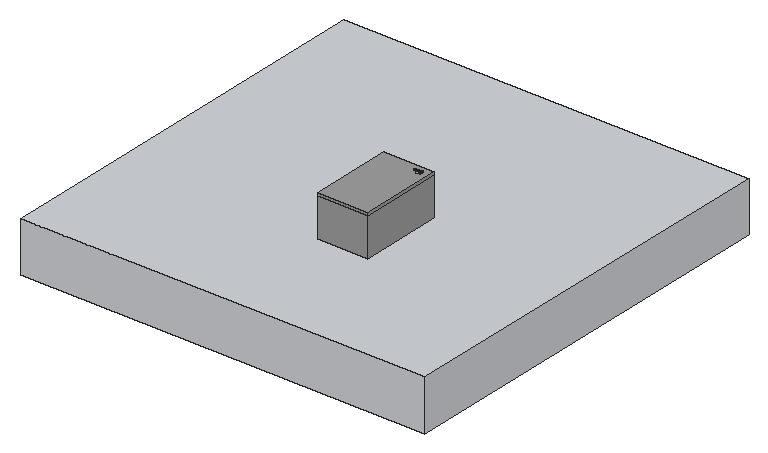
Revit family "IS_ConnectSpace_Multiproduct_BIM_DE_E0372;E0373", category Casework, host Face, Revit 2015
Parameters (values of type "E0403KR - Concept Space 300 mm - Add on - Guest Unit - Dark Grey")
  Width = NominalWidth  # 300 mm
  WarrantyStartDate [instance] = "1900-12-31T23:59:59"
  WarrantyGuarantorParts = "n/a"
  WarrantyGuarantorLabor = "n/a"
  WarrantyDurationUnit = "year"
  WarrantyDurationParts = "n/a"
  WarrantyDurationLabor = "n/a"
  WarrantyDescription = "n/a"
  VolumeUnits = "Litres"
  Version = "2"
  Uniclass2015Version = "Products v1.1"
  Uniclass2015Title = "Bathroom cabinets"
  Uniclass2015Code = "Pr_40_30_78_03"
  URL = "www.idealstandard.com"
  Type Comments = "n/a"
  TagNumber [instance] = "n/a"
  SustainabilityPerformance = "FSC"
  Style = "Bathroom cabinets"
  SpareParts = "www.idealstandard.de/ersatzteile"
  Space = "Internal"
  Size = "501 x 250 x 300 mm"
  Shape = "Rectangular"
  SerialNumber [instance] = "n/a"
  Revision = "n/a"
  ReplacementCost = "n/a"
  ProductInformation = "www.idealstandard.de/produkte"
  Phone = "+49228 5210"
  NominalWidth = 300 mm
  NominalLength = 250 mm
  NominalHeight = 500 mm
  NominalDepth = 250 mm
  NettWeight = "8.75 Kg"
  Name = "BathroomIntegratedFurniture_ConnectSpace_E0403KR_IdealStandard"
  NBSTypeID = "n/a"
  NBSReference = "45-35-72/320"
  NBSOfficeMasterTag = "n/a"
  NBSNote = "n/a"
  NBSDescription = "Bathroom integrated furniture"
  NBSCertification = "n/a"
  ModelReference = Description  # "E0373KR CONNECT SPACE side unit 300x242mm, 1 door"
  ModelNumber = Model  # "E0373KR"
  MetalMtl = ISI_IdealStandard_Furniture_Chrome_Render
  Material = "Varies, see product information"
  ManufacturerURL = "www.idealstandard.com"
  MainColor = "Gloss Grey"
  LinearUnits = "millimeters"
  LaminateMtl = ISI_IdealStandard_Furniture_Laminate_DarkGreyKR_Render
  Keynote = "n/a"
  InstallationInstructions = "www.idealstandard.de\\produkte"
  InstallationDate [instance] = "1900-12-31T23:59:59"
  IfcExportType = "Bathroom integrated furniture"
  IfcExportAs = "IfcFurnitureType"
  Height = NominalHeight  # 500 mm
  GrossWeight = "n/a"
  Grade = "n/a"
  Finish = "Gloss Grey"
  Features = "CONNECT SPACE side unit 300x242mm, 1 door"
  ExpectedLife = "25"
  DurationUnit = "year"
  Depth = NominalDepth  # 250 mm
  CurrencyUnit = "n/a"
  CreatedOn = "2016-09-05"
  Cost = 0
  Constituents = "n/a"
  ConnectionType = "Mechanical"
  Color = "Gloss Grey"
  CodePerformance = "FSC, EN 14749:2005"
  Reference = "n/a"
  Model = "E0373KR"
  Manufacturer = "idealstandard.de@idealstandard.com"
  Description = "E0373KR CONNECT SPACE side unit 300x242mm, 1 door"
  Default Elevation = 800 mm
  Category = "n/a"
  Brand = "Ideal Standard"
  BarCode = "5017830455127"
  BIMObjectName = "ISI_IdealStandard_BathroomIntegratedFurniture_ConnectSpace_E0403KR"
  Author = "Ideal Standard GmbH"
  AssetType = "Fixed"
  AssetIdentifier [instance] = "n/a"
  Assembly Code = "C1030200"
  AreaUnits = "millimeters"
  AreaMeasurement = "n/a"
  Accessories = "www.idealstandard.de\\ersatzteile"
  AccessibilityPerformance = "n/a"
Types (8, lengths in mm): name | Width | Size | NominalWidth | NettWeight | Name | ModelReference | ModelNumber | MainColor | LaminateMtl | Finish | Features | Color | Model | Description | BarCode | BIMObjectName
  E0403WG - Concept Space 300 mm - Add on - Guest Unit - Gloss White | 300 | "501 x 250 x 300 mm" | 300 | "8.75 Kg" | "BathroomIntegratedFurniture_ConnectSpace_E0403WG_IdealStandard" | "E0373WG CONNECT SPACE side unit 300x242mm, 1 door" | "E0373WG" | "Gloss White" | ISI_IdealStandard_Furniture_Laminate_GlossWhite_WG_Render | "Gloss White" | "CONNECT SPACE side unit 300x242mm, 1 door" | "Gloss White" | "E0373WG" | "E0373WG CONNECT SPACE side unit 300x242mm, 1 door" | "5017830455165" | "ISI_IdealStandard_BathroomIntegratedFurniture_ConnectSpace_E0403WG"
  E0403KS - Concept Space 300 mm - Add on - Guest Unit - Elm | 300 | "501 x 250 x 300 mm" | 300 | "8.75 Kg" | "BathroomIntegratedFurniture_ConnectSpace_E0403KS_IdealStandard" | "E0373KS CONNECT SPACE side unit 300x242mm, 1 door" | "E0373KS" | "Elm" | ISI_IdealStandard_Furniture_Laminate_Elm_KS_Render | "Elm" | "CONNECT SPACE side unit 300x242mm, 1 door" | "Elm" | "E0373KS" | "E0373KS CONNECT SPACE side unit 300x242mm, 1 door" | "5017830455134" | "ISI_IdealStandard_BathroomIntegratedFurniture_ConnectSpace_E0403KS"
  E0403KR - Concept Space 300 mm - Add on - Guest Unit - Dark Grey | 300 | "501 x 250 x 300 mm" | 300 | "8.75 Kg" | "BathroomIntegratedFurniture_ConnectSpace_E0403KR_IdealStandard" | "E0373KR CONNECT SPACE side unit 300x242mm, 1 door" | "E0373KR" | "Gloss Grey" | ISI_IdealStandard_Furniture_Laminate_DarkGreyKR_Render | "Gloss Grey" | "CONNECT SPACE side unit 300x242mm, 1 door" | "Gloss Grey" | "E0373KR" | "E0373KR CONNECT SPACE side unit 300x242mm, 1 door" | "5017830455127" | "ISI_IdealStandard_BathroomIntegratedFurniture_ConnectSpace_E0403KR"
  E0402KS - Concept Space 200 mm - Add On - Guest Unit - Elm | 200 | "501 x 250 x 201 mm" | 200 | "6.75 Kg" | "BathroomIntegratedFurniture_ConnectSpace_E0402KS_IdealStandard" | "E0372KS CONNECT SPACE side unit 200x242mm, 1 door" | "E0372KS" | "Elm" | ISI_IdealStandard_Furniture_Laminate_Elm_KS_Render | "Elm" | "CONNECT SPACE side unit 200x242mm, 1 door" | "Elm" | "E0372KS" | "E0372KS CONNECT SPACE side unit 200x242mm, 1 door" | "5017830455073" | "ISI_IdealStandard_BathroomIntegratedFurniture_ConnectSpace_E0402KS"
  E0402KR - Concept Space 200 mm - Add On - Guest Unit - Gloss Grey | 200 | "501 x 250 x 201 mm" | 200 | "6.75 Kg" | "BathroomIntegratedFurniture_ConnectSpace_E0402KR_IdealStandard" | "E0372KR CONNECT SPACE side unit 200x242mm, 1 door" | "E0372KR" | "Gloss Grey" | ISI_IdealStandard_Furniture_Laminate_DarkGreyKR_Render | "Gloss Grey" | "CONNECT SPACE side unit 200x242mm, 1 door" | "Gloss Grey" | "E0372KR" | "E0372KR CONNECT SPACE side unit 200x242mm, 1 door" | "5017830455066" | "ISI_IdealStandard_BathroomIntegratedFurniture_ConnectSpace_E0402KR"
  E0402WG - Concept Space 200 mm - Add On - Guest Unit - Gloss White | 200 | "501 x 250 x 201 mm" | 200 | "6.75 Kg" | "BathroomIntegratedFurniture_ConnectSpace_E0402WG_IdealStandard" | "E0372WG CONNECT SPACE side unit 200x242mm, 1 door" | "E0372WG" | "Gloss White" | ISI_IdealStandard_Furniture_Laminate_GlossWhite_WG_Render | "Gloss White" | "CONNECT SPACE side unit 200x242mm, 1 door" | "Gloss White" | "E0372WG" | "E0372WG CONNECT SPACE side unit 200x242mm, 1 door" | "5017830455103" | "ISI_IdealStandard_BathroomIntegratedFurniture_ConnectSpace_E0402WG"
  E0403SO - Concept Space 300 mm - Add on - Guest Unit - American Oak | 300 | "501 x 250 x 300 mm" | 300 | "8.75 Kg" | "BathroomIntegratedFurniture_ConnectSpace_E0403SO_IdealStandard" | "E0373SO CONNECT SPACE side unit 300x242mm, 1 door" | "E0373SO" | "American Oak" | ISI_IdealStandard_Furniture_Laminate_AmericanOak_SO_Render | "American Oak" | "CONNECT SPACE side unit 300x242mm, 1 door" | "American Oak" | "E0373SO" | "E0373SO CONNECT SPACE side unit 300x242mm, 1 door" | "5017830455141" | "ISI_IdealStandard_BathroomIntegratedFurniture_ConnectSpace_E0403SO"
  E0402SO - Concept Space 200 mm - Add On - Guest Unit - American Oak | 200 | "501 x 250 x 201 mm" | 200 | "6.75 Kg" | "BathroomIntegratedFurniture_ConnectSpace_E0402SO_IdealStandard" | "E0372SO CONNECT SPACE side unit 200x242mm, 1 door" | "E0372SO" | "American Oak" | ISI_IdealStandard_Furniture_Laminate_AmericanOak_SO_Render | "American Oak" | "CONNECT SPACE side unit 200x242mm, 1 door" | "American Oak" | "E0372SO" | "E0372SO CONNECT SPACE side unit 200x242mm, 1 door" | "5017830451020" | "ISI_IdealStandard_BathroomIntegratedFurniture_ConnectSpace_E0402SO"
Reference planes
  plane 1 "Center (Front/Back)": y = 0
  plane 2: z = 0
  plane 3 "Center (Left/Right)": x = 0
  plane 4: y = -500
  plane 5: x = 300
  plane 6: z = 250
  plane 7: z = 232
  plane 8: x = 150
  plane 9: x = 250
  plane 10: z = 265
  plane 11: z = 262
  plane 12: x = 265
  plane 13: x = 235
  plane 14: x = 275
  plane 15: x = 225
  plane 16: y = -50
  plane 17: y = -60
Forms (mm)
  Extrusion 1, solid
    sketch origin (0, 0, 0) x (1, 0, 0) y (0, 1, 0)
      loop
        line (-1219.2, 1219.2) -> (-1219.2, -1219.2) -> (1219.2, -1219.2) -> (1219.2, 1219.2) -> (-1219.2, 1219.2)
    from 0 to -304.8
  Extrusion 2, solid, material "ISI_IdealStandard_Furniture_Laminate_DarkGreyKR_Render" <- "LaminateMtl"
    sketch origin (0, 0, 0) x (1, 0, 0) y (0, 1, 0)
      loop
        line (0, 0) -> (0, -500) -> (300, -500) -> (300, 0) -> (0, 0)
    from 0 to 232
  Extrusion 3, solid, material "ISI_IdealStandard_Furniture_Laminate_DarkGreyKR_Render" <- "LaminateMtl"
    sketch origin (-58.633, -4572, 232) x (-1, 0, 0) y (0, -1, 0)
      loop
        line (-58.633, -4572) -> (-58.633, -4072) -> (-358.633, -4072) -> (-358.633, -4572) -> (-58.633, -4572)
    from 0 to 18
  Extrusion 4, solid, material "ISI_IdealStandard_Furniture_Chrome_Render" <- "MetalMtl", detail levels medium+fine
    sketch origin (-118.541, -4572, 250) x (-1, 0, 0) y (0, -1, 0)
      loop
        arc (-346.541, -4522) -> (-344.42, -4521.121) -> (-343.541, -4519) r 3
        line (-343.541, -4519) -> (-343.541, -4515)
        arc (-343.541, -4515) -> (-344.42, -4512.879) -> (-346.541, -4512) r 3
        line (-346.541, -4512) -> (-390.541, -4512)
        arc (-390.541, -4512) -> (-392.662, -4512.879) -> (-393.541, -4515) r 3
        line (-393.541, -4515) -> (-393.541, -4519)
        arc (-393.541, -4519) -> (-392.662, -4521.121) -> (-390.541, -4522) r 3
        line (-390.541, -4522) -> (-346.541, -4522)
    from 12 to 15
  Extrusion 5, solid, material "ISI_IdealStandard_Furniture_Chrome_Render" <- "MetalMtl", detail levels medium+fine
    sketch origin (-118.541, -4572, 250) x (-1, 0, 0) y (0, -1, 0)
      loop
        arc (-356.541, -4521) -> (-354.42, -4520.121) -> (-353.541, -4518) r 3
        line (-353.541, -4518) -> (-353.541, -4516)
        arc (-353.541, -4516) -> (-354.42, -4513.879) -> (-356.541, -4513) r 3
        line (-356.541, -4513) -> (-380.541, -4513)
        arc (-380.541, -4513) -> (-382.662, -4513.879) -> (-383.541, -4516) r 3
        line (-383.541, -4516) -> (-383.541, -4518)
        arc (-383.541, -4518) -> (-382.662, -4520.121) -> (-380.541, -4521) r 3
        line (-380.541, -4521) -> (-356.541, -4521)
    from 0 to 12
Dimensions and locks
  "NominalWidth": plane 3 "Center (Left/Right)" to plane 5
  "NominalHeight": plane 4 to plane 1 "Center (Front/Back)"
  "NominalDepth": plane 6 to Extrusion 1
  locked: plane 5 to plane 9 at 50
  plane 15 to plane 13 to plane 9 to plane 12 to plane 14 = 10 mm locked, 15 mm locked, 15 mm locked, 10 mm locked
  equal spacing: plane 3 "Center (Left/Right)", plane 8, plane 5
  aligned and locked: plane 2 to Extrusion 1
  aligned and locked: level to Extrusion 1
  aligned and locked: plane 1 "Center (Front/Back)" to Extrusion 2 sketch curve
  aligned and locked: plane 3 "Center (Left/Right)" to Extrusion 2 sketch curve
  aligned and locked: plane 4 to Extrusion 2 sketch curve
  aligned and locked: plane 5 to Extrusion 2 sketch curve
  aligned and locked: Extrusion 2 to plane 7
  aligned and locked: Extrusion 2 to level
  aligned and locked: Extrusion 3 sketch curve to Extrusion 2  (x4)
  aligned and locked: Extrusion 3 to plane 7
  aligned and locked: plane 6 to Extrusion 3
  aligned and locked: Extrusion 4 to plane 10
  aligned and locked: plane 11 to Extrusion 4
  aligned and locked: Extrusion 5 sketch curve to plane 13
  aligned and locked: Extrusion 5 sketch curve to plane 12
  aligned and locked: Extrusion 5 to plane 11
  aligned and locked: Extrusion 5 to plane 6
  aligned and locked: Extrusion 4 sketch curve to plane 17
  aligned and locked: Extrusion 4 sketch curve to plane 16
  aligned and locked: Extrusion 4 sketch curve to plane 15
Automatic sketch dimensions
  Extrusion 1 sketch curve to Extrusion 1 sketch curve = 2438.4 mm  (x2)
  plane 17 to Extrusion 5 sketch curve = 1 mm
  Extrusion 5 sketch curve to plane 12 = 3 mm  (x2)
  Extrusion 5 sketch curve to plane 16 = 1 mm
  Extrusion 5 sketch curve to plane 13 = 3 mm
  Extrusion 5 sketch curve to Extrusion 5 sketch curve = 0 mm
  Extrusion 4 sketch curve to plane 14 = 0 mm
  Extrusion 4 sketch curve to plane 14 = 3 mm
  Extrusion 4 sketch curve to Extrusion 4 sketch curve = 0 mm
  Extrusion 4 sketch curve to Extrusion 4 sketch curve = 3 mm  (x2)
